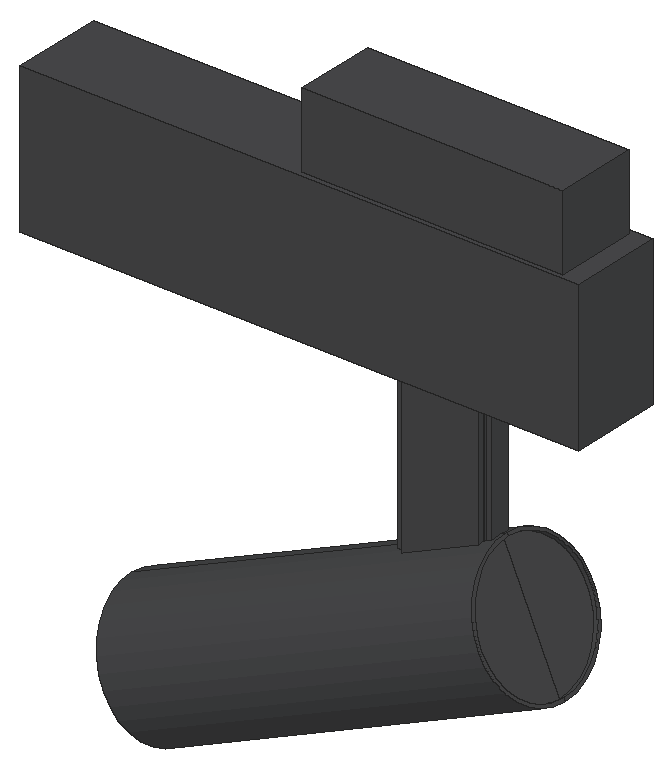
Revit family "DTM15N.1.16", category Luminarias, Revit 2019
Family settings
  Cota de conector redondo = Diámetro de uso
  Tipo de pieza = Normal
  Se basa en plano de trabajo = Sí
  Siempre vertical = Sí
  Corte con vacíos al cargar = No
  Origen de luz = Sí
  Compartido = No
  Punto de cálculo de habitación = No
Parameters (values of type "SPOT RIEL_DTM15N.1.16")
  Ángulo de inclinación = 60.00°
  Zone [instance] = ""
  Watt per fixture = 13.8
  Wattage = 13.8 W
  built-in parameter 1150107 = 4000 (stored number, unit not read)
  built-in parameter 1150110 = 1 (stored number, unit not read)
  built-in parameter 1150109 = 1 (stored number, unit not read)
  built-in parameter 1150112 = 1 (stored number, unit not read)
  built-in parameter 1150113 = 1 (stored number, unit not read)
  built-in parameter 1114218 = 1 (stored number, unit not read)
  Keynote = ""
  built-in parameter 1150137 = (empty or 0)
  built-in parameter 1150132 = (empty or 0)
  Modelo = "DTM15N.1.16"
  Lámpara = "CITIZEN"
  built-in parameter 1150105 = 81.265 (stored number, unit not read)
  built-in parameter 1150102 = (empty or 0)
  built-in parameter 1150106 = 0.81265 (stored number, unit not read)
  Lumens = 1021.2 lm
  Color Filter = 16777215
  built-in parameter 1114217 = 1 (stored number, unit not read)
  built-in parameter 1150139 = (empty or 0)
  Fabricante = "BRILLANT"
  Default Elevation = 1219.2 mm
  built-in parameter 1150104 = 6.8748 (stored number, unit not read)
  Descripción = "LUMINARIA DIRIGIBLE TIPO PUNTUAL DE UN CABEZAL COMPATIBLE CON RIEL DE 6 ENTRADAS Y 3 CIRCUITOS, CUERPO DE ALUMINIO ACABADO EN COLOR NEGRO, IP 20, PESO 0.84Kg, TIPO DE LED CITIZEN CON 13.8W TOTAL, 1024 LUMENES, 74LM/W, IRC 90, TEMPERATURA EN BLANCO FRIO 4000K, 50 MIL HORAS DE VIDA PROMEDIO, APERTURA DE 16 GRADOS POR PROYECTO, ALIMENTADO A 90-277V/50-60Hz"
  built-in parameter 1150115 = 1 (stored number, unit not read)
  built-in parameter 1150114 = 1 (stored number, unit not read)
  Comentarios de vataje = "90-277V"
  built-in parameter 1150138 = (empty or 0)
  built-in parameter 1150134 = 12
  Circuit [instance] = ""
  Dimming Lamp Color Temperature Shift = (empty or 0)
  Archivo de red fotométrica = "TL36-15W-840-B-16_IESNA95.IES"
  built-in parameter 1150133 = 10 (stored number, unit not read)
Types (3, lengths in mm): name | built-in parameter 1150107 | Modelo | Descripción | built-in parameter 1150134 | Archivo de red fotométrica
  SPOT RIEL_DTM15U.1.24 | 2700 (stored number, unit not read) | "DTM15U.1.24" | "LUMINARIA DIRIGIBLE TIPO PUNTUAL DE UN CABEZAL COMPATIBLE CON RIEL DE 6 ENTRADAS Y 3 CIRCUITOS, CUERPO DE ALUMINIO ACABADO EN COLOR NEGRO, IP 20, PESO 0.84Kg, TIPO DE LED CITIZEN CON 13.8W TOTAL, 1024 LUMENES, 74LM/W, IRC 90, TEMPERATURA EN BLANCO CALIDO 2700K, 50 MIL HORAS DE VIDA PROMEDIO, APERTURA DE 24 GRADOS EN STOCK, ALIMENTADO A 90-277V/50-60Hz" | (empty or 0) | "generic"
  SPOT RIEL_DTM15U.1.16 | 2700 (stored number, unit not read) | "DTM15U.1.16" | "LUMINARIA DIRIGIBLE TIPO PUNTUAL DE UN CABEZAL COMPATIBLE CON RIEL DE 6 ENTRADAS Y 3 CIRCUITOS, CUERPO DE ALUMINIO ACABADO EN COLOR NEGRO, IP 20, PESO 0.84Kg, TIPO DE LED CITIZEN CON 13.8W TOTAL, 1024 LUMENES, 74LM/W, IRC 90, TEMPERATURA EN BLANCO CALIDO 2700K, 50 MIL HORAS DE VIDA PROMEDIO, APERTURA DE 16 GRADOS POR PROYECTO, ALIMENTADO A 90-277V/50-60Hz" | (empty or 0) | "generic"
  SPOT RIEL_DTM15N.1.16 | 4000 (stored number, unit not read) | "DTM15N.1.16" | "LUMINARIA DIRIGIBLE TIPO PUNTUAL DE UN CABEZAL COMPATIBLE CON RIEL DE 6 ENTRADAS Y 3 CIRCUITOS, CUERPO DE ALUMINIO ACABADO EN COLOR NEGRO, IP 20, PESO 0.84Kg, TIPO DE LED CITIZEN CON 13.8W TOTAL, 1024 LUMENES, 74LM/W, IRC 90, TEMPERATURA EN BLANCO FRIO 4000K, 50 MIL HORAS DE VIDA PROMEDIO, APERTURA DE 16 GRADOS POR PROYECTO, ALIMENTADO A 90-277V/50-60Hz" | 12 | "TL36-15W-840-B-16_IESNA95.IES"
Reference planes
  plane 1 "Centro (Frontal/Posterior)": y = 0
  plane 2: z = 0
  plane 3 "Centro (Izquierda/Derecha)": x = 0
Forms (mm)
  Extrusion 1, solid, material "Default Form"
    sketch origin (0, 0, 0) x (1, 0, 0) y (0, 0, 1)
      loop
        line (-120.5, 0) -> (-120.5, -64) -> (120.5, -64) -> (120.5, 0) -> (-120.5, 0)
    from -20 to 20
  Extrusion 2, solid
    sketch origin (0, 0, 0) x (0, 1, 0) y (0, 0, 1)
      loop
        line (-7.273, 1.74) -> (7.273, 1.74) -> (7.273, 0) -> (15.231, 0) -> (17.006, 4.494) -> (15.021, 4.494) -> (14.058, 5.868) -> (14.058, 7.166) -> (6.473, 7.166) -> (6.473, 9.324) -> (10.169, 10.163) -> (10.169, 12.464) -> (6.473, 13.302) -> (6.473, 16.66) -> (10.169, 17.499) -> (10.169, 19.8) -> (6.473, 20.638) -> (6.473, 25.016) -> (13.839, 25.016) -> (14.514, 24.341) -> (15.775, 24.341) -> (15.775, 27.171) -> (14.73, 27.171) -> (14.058, 26.499) -> (6.473, 26.499) -> (6.473, 27.299) -> (12.377, 27.299) -> (12.377, 31.471) -> (-2.744, 31.471) -> (-2.744, 30.671) -> (-5.514, 30.671) -> (-5.514, 31.471) -> (-12.377, 31.471) -> (-12.377, 27.299) -> (-6.473, 27.299) -> (-6.473, 26.499) -> (-14.058, 26.499) -> (-14.73, 27.171) -> (-15.775, 27.171) -> (-15.775, 24.341) -> (-14.514, 24.341) -> (-13.839, 25.016) -> (-6.473, 25.016) -> (-6.473, 20.638) -> (-10.169, 19.8) -> (-10.169, 17.499) -> (-6.473, 16.66) -> (-6.473, 13.302) -> (-10.169, 12.464) -> (-10.169, 10.163) -> (-6.473, 9.324) -> (-6.473, 7.166) -> (-14.058, 7.166) -> (-14.058, 5.868) -> (-15.021, 4.494) -> (-17.006, 4.494) -> (-15.231, 0) -> (-7.273, 0) -> (-7.273, 1.74)
    from 0 to 111.256
  Revolve 3, solid, material "Default Form"
    sketch origin (-53.809, 0, -47.247) x (0.913545, 0, 0.406737) y (-0.406737, 0, 0.913545)
      loop
        line (-90.696, -178.651) -> (-90.696, -181.199) -> (86.304, -181.199) -> (86.304, -179.827) -> (84.235, -179.827) -> (84.235, -150.199) -> (-76.941, -150.199) -> (-76.941, -178.651) -> (-90.696, -178.651)
      axis (86.304, -150.199) -> (-90.696, -150.199)
    angle from 0 to 360
  Extrusion 4, solid, material "Default Form"
    sketch origin (-2.5, 0, 0) x (1, 0, 0) y (0, 1, 0)
      loop
        line (36.186, 6.873) -> (36.186, 4.211) -> (35.401, 4.211) -> (35.401, 2.934) -> (34.55, 2.934) -> (34.55, 4.211) -> (32.462, 4.211) -> (32.462, -4.55) -> (34.55, -4.55) -> (34.55, -3.273) -> (35.401, -3.273) -> (35.401, -4.55) -> (36.186, -4.55) -> (36.186, -6.873) -> (69.522, -6.873) -> (69.522, -4.55) -> (70.306, -4.55) -> (70.306, -3.273) -> (71.158, -3.273) -> (71.158, -4.55) -> (73.245, -4.55) -> (73.245, 4.211) -> (71.158, 4.211) -> (71.158, 2.934) -> (70.306, 2.934) -> (70.306, 4.211) -> (69.522, 4.211) -> (69.522, 6.873) -> (36.186, 6.873)
    from -140.263 to -64
  Extrusion 5, solid, material "Default Form"
    sketch origin (0, 0, 0) x (1, 0, 0) y (0, 1, 0)
      loop
        line (111.256, 17.006) -> (0, 17.006) -> (0, -17.006) -> (111.256, -17.006) -> (111.256, 17.006)
      loop
        line (112.056, 17.806) -> (-0.8, 17.806) -> (-0.8, -17.806) -> (112.056, -17.806) -> (112.056, 17.806)
    from 0 to 31.471
  Extrusion 6, solid, material "Default Form"
    sketch origin (0, 0, 0) x (1, 0, 0) y (0, 1, 0)
      loop
        line (-0.8, 17.806) -> (-0.8, -17.806) -> (112.056, -17.806) -> (112.056, 17.806) -> (-0.8, 17.806)
    from 31.471 to 32.429
Cuts and joins
  joined: Extrusion 5, Extrusion 6
Dimensions and locks
  equal spacing: Extrusion 1, plane 1 "Centro (Frontal/Posterior)", Extrusion 1
  Extrusion 1 to plane 1 "Centro (Frontal/Posterior)" = 20 mm
  Extrusion 1 to Extrusion 1 = 40 mm
  Extrusion 1 to Extrusion 1 = 64 mm
  aligned and locked: level to plane 2
Automatic sketch dimensions
  Extrusion 1 sketch curve to level = 0 mm
  Extrusion 1 sketch curve to plane 3 "Centro (Izquierda/Derecha)" = 120.5 mm
  plane 3 "Centro (Izquierda/Derecha)" to Extrusion 1 sketch curve = 120.5 mm
  Extrusion 1 sketch curve to level = 64 mm
  Extrusion 2 sketch curve to Extrusion 2 sketch curve = 1.231 mm
  Extrusion 2 sketch curve to Extrusion 2 sketch curve = 1.775 mm
  Extrusion 2 sketch curve to Extrusion 2 sketch curve = 1.985 mm  (x2)
  Extrusion 2 sketch curve to Extrusion 2 sketch curve = 1.045 mm
  Extrusion 2 sketch curve to Extrusion 2 sketch curve = 1.261 mm  (x2)
  Extrusion 2 sketch curve to Extrusion 2 sketch curve = 0.963 mm  (x2)
  Extrusion 2 sketch curve to Extrusion 2 sketch curve = 0.672 mm  (x4)
  Extrusion 2 sketch curve to Extrusion 2 sketch curve = 0.675 mm  (x2)
  Extrusion 2 sketch curve to Extrusion 2 sketch curve = 1.682 mm
  Extrusion 2 sketch curve to Extrusion 2 sketch curve = 3.89 mm  (x2)
  Extrusion 2 sketch curve to Extrusion 2 sketch curve = 0 mm  (x4)
  Extrusion 2 sketch curve to Extrusion 2 sketch curve = 7.958 mm
  Extrusion 2 sketch curve to Extrusion 2 sketch curve = 5.904 mm  (x2)
  Extrusion 2 sketch curve to Extrusion 2 sketch curve = 3.696 mm  (x5)
  Extrusion 2 sketch curve to Extrusion 2 sketch curve = 0.959 mm
  Extrusion 2 sketch curve to Extrusion 2 sketch curve = 2.77 mm
  Extrusion 2 sketch curve to Extrusion 2 sketch curve = 12.946 mm
  level to Extrusion 2 sketch curve = 9.324 mm
  Extrusion 2 sketch curve to Extrusion 2 sketch curve = 0.8 mm  (x4)
  level to Extrusion 2 sketch curve = 10.163 mm
  Extrusion 2 sketch curve to Extrusion 2 sketch curve = 1.462 mm
  Extrusion 2 sketch curve to Extrusion 2 sketch curve = 0.22 mm
  level to Extrusion 2 sketch curve = 5.868 mm
  Extrusion 2 sketch curve to level = 0 mm  (x2)
  Extrusion 2 sketch curve to Extrusion 2 sketch curve = 0.21 mm
  level to Extrusion 2 sketch curve = 4.494 mm
  Extrusion 2 sketch curve to Extrusion 2 sketch curve = 4.494 mm
  Extrusion 2 sketch curve to Extrusion 2 sketch curve = 1.375 mm
  Extrusion 2 sketch curve to Extrusion 2 sketch curve = 1.298 mm  (x2)
  Extrusion 2 sketch curve to Extrusion 2 sketch curve = 2.158 mm
  Extrusion 2 sketch curve to Extrusion 2 sketch curve = 0.839 mm  (x7)
  Extrusion 2 sketch curve to Extrusion 2 sketch curve = 2.301 mm  (x4)
  Extrusion 2 sketch curve to Extrusion 2 sketch curve = 3.358 mm  (x2)
  Extrusion 2 sketch curve to Extrusion 2 sketch curve = 4.541 mm  (x2)
  Extrusion 2 sketch curve to Extrusion 2 sketch curve = 4.378 mm  (x2)
  Extrusion 2 sketch curve to Extrusion 2 sketch curve = 1.483 mm  (x2)
  Extrusion 2 sketch curve to Extrusion 2 sketch curve = 3.372 mm
  Extrusion 2 sketch curve to Extrusion 2 sketch curve = 4.172 mm
  Extrusion 2 sketch curve to Extrusion 2 sketch curve = 1.74 mm
  plane 1 "Centro (Frontal/Posterior)" to Extrusion 2 sketch curve = 17.006 mm
  Revolve 3 sketch curve to plane 3 "Centro (Izquierda/Derecha)" = 62.963 mm
  Revolve 3 sketch curve to level = 249.67 mm
  Revolve 3 sketch curve to Revolve 3 sketch curve = 13.755 mm
  Revolve 3 sketch curve to Revolve 3 sketch curve = 161.175 mm
  Revolve 3 sketch curve to Revolve 3 sketch curve = 2.069 mm
  Revolve 3 sketch curve to Revolve 3 sketch curve = 1.372 mm
  Revolve 3 sketch curve to Revolve 3 sketch curve = 2.548 mm
  Revolve 3 sketch curve to Revolve 3 sketch curve = 29.628 mm
  Revolve 3 sketch curve to Revolve 3 sketch curve = 23.825 mm
  Revolve 3 sketch curve to Revolve 3 sketch curve = 0 mm  (x2)
  Extrusion 5 sketch curve to plane 3 "Centro (Izquierda/Derecha)" = 0 mm
  plane 1 "Centro (Frontal/Posterior)" to Extrusion 5 sketch curve = 17.006 mm
  plane 3 "Centro (Izquierda/Derecha)" to Extrusion 5 sketch curve = 111.256 mm
  Extrusion 5 sketch curve to plane 1 "Centro (Frontal/Posterior)" = 17.006 mm
  Extrusion 5 sketch curve to Extrusion 5 sketch curve = 0.8 mm  (x3)
  Extrusion 5 sketch curve to plane 3 "Centro (Izquierda/Derecha)" = 0.8 mm
  Extrusion 6 sketch curve to plane 3 "Centro (Izquierda/Derecha)" = 0.8 mm
  plane 1 "Centro (Frontal/Posterior)" to Extrusion 6 sketch curve = 17.806 mm
  plane 3 "Centro (Izquierda/Derecha)" to Extrusion 6 sketch curve = 112.056 mm
  Extrusion 6 sketch curve to plane 1 "Centro (Frontal/Posterior)" = 17.806 mm
  plane 1 "Centro (Frontal/Posterior)" to Extrusion 4 sketch curve = 4.55 mm
  plane 3 "Centro (Izquierda/Derecha)" to Extrusion 4 sketch curve = 29.962 mm
  Extrusion 4 sketch curve to Extrusion 4 sketch curve = 2.088 mm  (x3)
  Extrusion 4 sketch curve to Extrusion 4 sketch curve = 0.851 mm  (x4)
  Extrusion 4 sketch curve to Extrusion 4 sketch curve = 0.785 mm  (x4)
  Extrusion 4 sketch curve to plane 1 "Centro (Frontal/Posterior)" = 4.211 mm
  Extrusion 4 sketch curve to Extrusion 4 sketch curve = 33.336 mm
  Extrusion 4 sketch curve to Extrusion 4 sketch curve = 0 mm  (x5)
  plane 1 "Centro (Frontal/Posterior)" to Extrusion 4 sketch curve = 6.873 mm
  Extrusion 4 sketch curve to Extrusion 4 sketch curve = 2.323 mm
  Extrusion 4 sketch curve to Extrusion 4 sketch curve = 1.277 mm  (x4)
  Extrusion 4 sketch curve to plane 1 "Centro (Frontal/Posterior)" = 2.934 mm
  Extrusion 4 sketch curve to Extrusion 4 sketch curve = 2.662 mm
